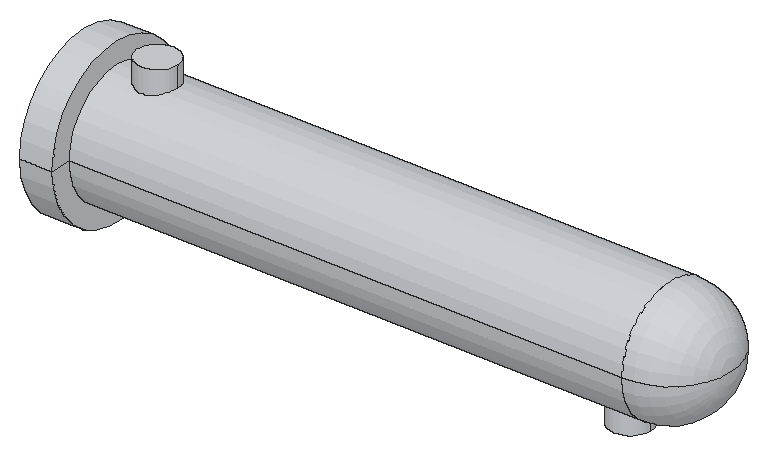
Revit family "M_Trocador de calor - Carcaça e tubulação", category Equipamento mecânico, Revit 2019
Family settings
  Cota do conector redondo = Usar raio
  Tipo de parte = Normal
  Número OmniClass = 23.75.10.27.17.21
  Título OmniClass = Heat Exchangers, Tubular
  ID de item do Seek = Heat Exchanger - Shell and Tube-0000-CAN-ENU
  Com base no plano de trabalho = Não
  Sempre na vertical = Sim
  Corte com vazios quando carregada = Não
  Compartilhado = Não
  Ponto de cálculo do ambiente = Não
Parameters (values of type "0.46 Sq.m")
  Queda de pressão 1 [instance] = 1030000.0 Pa
  Fluxo 2 [instance] = 2.97 L/s
  Fluxo 1 [instance] = 1.51 L/s
  Raio interno 1 = 12.5 mm
  Raio da saída 1 = 25 mm
  Diâmetro interno 1 = (Raio interno 1) * 2  # 25 mm
  Diâmetro da saída 1 = (Raio da saída 1) * 2  # 50 mm
  Raio da carapaça = Diâmetro da carapaça / 2  # 75 mm
  Queda de pressão 2 [instance] = 2070000.0 Pa
  Diâmetro da carapaça = 150 mm
  Raio da saída 2 = 25 mm
  Raio interno 2 = 25 mm
  Diâmetro da saída 2 = (Raio da saída 2) * 2  # 50 mm
  Diâmetro interno 2 = (Raio interno 2) * 2  # 50 mm
  Comprimento 2 = 635 mm
  Comprimento 1 = 50 mm
  Altura 2 = 75 mm
  Altura 1 = 100 mm
  Material do trocador de calor = none
  Comprimento do trocador de calor = 825 mm
  Espessura do flange = 40 mm
Types (7, lengths in mm): name | Fluxo 2 | Fluxo 1 | Raio interno 1 | Raio da saída 1 | Diâmetro interno 1 | Diâmetro da saída 1 | Raio da carapaça | Diâmetro da carapaça | Raio da saída 2 | Raio interno 2 | Diâmetro da saída 2 | Diâmetro interno 2 | Comprimento 2 | Comprimento 1 | Altura 2 | Altura 1 | Comprimento do trocador de calor | Espessura do flange
  (no name) | 2.97 L/s | 1.51 L/s | 12.5 | 25 | 25 | 50 | 75 | 150 | 25 | 25 | 50 | 50 | 635 | 50 | 75 | 100 | 825 | 40
  0.46 Sq.m | 2.97 L/s | 1.51 L/s | 12.5 | 25 | 25 | 50 | 75 | 150 | 25 | 25 | 50 | 50 | 635 | 50 | 75 | 100 | 825 | 40
  24.15 Sq.m | 29.08 L/s | 14.64 L/s | 40 | 75 | 80 | 150 | 200 | 400 | 75 | 75 | 150 | 150 | 1701.8 | 152.4 | 203.2 | 228.6 | 2200 | 100
  1.40 Sq.m | 5.43 L/s | 2.78 L/s | 12.5 | 25 | 25 | 50 | 100 | 200 | 25 | 25 | 50 | 50 | 863.6 | 50.8 | 101.6 | 127 | 1100 | 50
  3.72 Sq.m | 10.09 L/s | 5.05 L/s | 20 | 40 | 40 | 80 | 125 | 250 | 50 | 50 | 100 | 100 | 1054.1 | 101.6 | 127 | 152.4 | 1375 | 64
  7.90 Sq.m | 14.51 L/s | 7.32 L/s | 25 | 50 | 50 | 100 | 150 | 300 | 50 | 50 | 100 | 100 | 1282.7 | 101.6 | 152.4 | 177.8 | 1650 | 75
  13.47 Sq.m | 18.93 L/s | 12.05 L/s | 25 | 50 | 50 | 100 | 175 | 350 | 75 | 75 | 150 | 150 | 1473.2 | 152.4 | 177.8 | 203.2 | 1925 | 90
Reference planes
  plane 1 "Centro (Frente/Trás)": y = 0
  plane 2: z = 0
  plane 3 "Centro (Esquerda/Direita)": x = 0
  plane 4: x = -25.4
  plane 5: x = 799.6
  plane 6: y = 75
  plane 7: y = -75
  plane 8: x = 40
  plane 9: y = 100.4
  plane 10: y = -100.4
  plane 11: x = 724.6
  plane 12: z = 37.5
  plane 13: z = -37.5
  plane 14: x = 90
  plane 15: z = 100
  plane 16: z = -100
  plane 17: x = 675
  plane 18: y = 25
  plane 19: y = -25
Forms (mm)
  Revolve 1, solid, material <- "Material do trocador de calor"
    sketch origin (0, 0, 0) x (1, 0, 0) y (0, 1, 0)
      loop
        line (0, 100.4) -> (0, 0) -> (799.6, 0)
        arc (799.6, 0) -> (777.633, 53.033) -> (724.6, 75) r 75
        line (724.6, 75) -> (40, 75) -> (40, 100.4) -> (0, 100.4)
      axis (799.6, 0) -> (0, 0)
    angle from 0 to 360
  Extrusion 2, solid, material <- "Material do trocador de calor"
    sketch origin (0, 0, 0) x (0, 1, 0) y (0, 0, 1)
      loop
        circle (0, 37.5) r 25
      loop
        circle (0, -37.5) r 12.5
    from -25.4 to 0
  Extrusion 3, solid, material <- "Material do trocador de calor"
    sketch origin (0, 0, 0) x (1, 0, 0) y (0, 1, 0)
      loop
        circle (90, 0) r 25
    from 0 to 100
  Extrusion 4, solid, material <- "Material do trocador de calor"
    sketch origin (0, 0, 0) x (1, 0, 0) y (0, 1, 0)
      loop
        circle (675, 0) r 25
    from -100 to 0
Cuts and joins
  joined: Revolve 1, Extrusion 2, Extrusion 3, Extrusion 4
Lines and regions (mm)
  symbolic lines, detail levels fine
    curve 1: line (40, -75, 0) -> (724.6, -75, 0)
Dimensions and locks
  locked: plane 4 to plane 3 "Centro (Esquerda/Direita)" at 25.4
  "Comprimento do trocador de calor": plane 4 to plane 5
  equal spacing: plane 6, plane 1 "Centro (Frente/Trás)", plane 7
  "Diâmetro da carapaça": plane 6 to plane 7
  "Espessura do flange": plane 3 "Centro (Esquerda/Direita)" to plane 8
  locked: plane 9 to plane 6 at 25.4
  locked: plane 7 to plane 10 at 25.4
  "Raio da carapaça": plane 11 to plane 5
  equal spacing: plane 12, plane 2, plane 13
  "Altura 2": plane 12 to plane 13
  "Comprimento 1": plane 14 to plane 8
  "Altura 1": plane 15 to plane 2
  "Altura 1": plane 2 to plane 16
  "Comprimento 2": plane 17 to plane 8
  "Raio da saída 1": plane 1 "Centro (Frente/Trás)" to plane 18
  "Raio da saída 1": plane 19 to plane 1 "Centro (Frente/Trás)"
  "Raio da carapaça": radius of Revolve 1 sketch curve
  "Raio da saída 1": radius of Extrusion 2 sketch curve
  "Raio interno 1": radius of Extrusion 2 sketch curve
  "Raio interno 2": radius of Extrusion 3 sketch curve
  "Raio da saída 2": radius of Extrusion 4 sketch curve
  angle Revolve 1 sketch curve to Revolve 1 sketch curve = 90.00°
  aligned and locked: Revolve 1 sketch curve to plane 9
  aligned and locked: plane 6 to Revolve 1 sketch curve
  aligned and locked: plane 9 to Revolve 1 sketch curve
  aligned and locked: Revolve 1 sketch curve to plane 8
  aligned and locked: plane 8 to Revolve 1 sketch curve
  aligned and locked: plane 11 to Revolve 1 sketch curve
  aligned and locked: plane 3 "Centro (Esquerda/Direita)" to Revolve 1 sketch curve
  aligned and locked: plane 5 to Revolve 1 sketch curve
  aligned and locked: plane 1 "Centro (Frente/Trás)" to Revolve 1 sketch curve
  aligned and locked: Revolve 1 sketch curve to plane 3 "Centro (Esquerda/Direita)"
  aligned and locked: Revolve 1 sketch curve to plane 1 "Centro (Frente/Trás)"
  aligned and locked: plane 12 to Extrusion 2 sketch curve
  aligned and locked: plane 1 "Centro (Frente/Trás)" to Extrusion 2 sketch curve  (x2)
  aligned and locked: plane 13 to Extrusion 2 sketch curve
  aligned and locked: Extrusion 2 to plane 4
  aligned and locked: plane 3 "Centro (Esquerda/Direita)" to Extrusion 2
  aligned and locked: Extrusion 3 to plane 2
  aligned and locked: plane 15 to Extrusion 3
  aligned and locked: plane 17 to Extrusion 4 sketch curve
  aligned and locked: plane 1 "Centro (Frente/Trás)" to Extrusion 4 sketch curve
  aligned and locked: plane 1 "Centro (Frente/Trás)" to Extrusion 3 sketch curve
  aligned and locked: plane 14 to Extrusion 3 sketch curve
  aligned and locked: Extrusion 4 to plane 16
  aligned and locked: plane 2 to Extrusion 4
  aligned and locked: plane 11 to curve 1
  aligned and locked: curve 1 to plane 7
Automatic sketch dimensions
  Revolve 1 sketch curve to plane 3 "Centro (Esquerda/Direita)" = 0 mm
  Revolve 1 sketch curve to plane 4 = 165.1 mm
  curve 1 to plane 8 = 0 mm
Connectors
  piping at (90, 0, 100), diameter 50, driven by "Raio interno 2", driven by "Fluxo 2"
    settings: on cut or joined group of Revolve 1, Extrusion 2, Extrusion 3, Extrusion 4, index 1, connector inside diameter 50 mm, connector length 0 mm, flow factor 0, pipe flow 2.97 L/s, pressure drop 0.0 Pa, fitting loss kfactor 0, connector angle 0.00°, fixture units 0, engagement length 0 mm, angle of deflection 0.00°, flow configuration 0, flow direction 1, fitting loss method 0, system type 29, joint type 0, gender type 0, connector reference index 2, connector utility 0, adjustable connector no, is connector primary yes, connector description "Entrada de fluido 2"
  piping at (675, 0, -100), diameter 50, driven by "Raio da saída 2", driven by "Queda de pressão 2", driven by "Fluxo 2"
    settings: on cut or joined group of Revolve 1, Extrusion 2, Extrusion 3, Extrusion 4, index 2, connector inside diameter 50 mm, connector length 0 mm, flow factor 0, pipe flow 2.97 L/s, pressure drop 2070000.0 Pa, fitting loss kfactor 0, connector angle 0.00°, fixture units 0, engagement length 0 mm, angle of deflection 0.00°, flow configuration 0, flow direction 2, fitting loss method 4, system type 29, joint type 0, gender type 0, connector reference index 1, connector utility 0, adjustable connector no, is connector primary no, connector description "Saída de fluido 2"
  piping at (-25.4, 0, 37.5), diameter 50, driven by "Fluxo 1", driven by "Raio da saída 1", driven by "Queda de pressão 1"
    settings: on cut or joined group of Revolve 1, Extrusion 2, Extrusion 3, Extrusion 4, index 3, connector inside diameter 50 mm, connector length 0 mm, flow factor 0, pipe flow 1.51 L/s, pressure drop 1030000.0 Pa, fitting loss kfactor 0, connector angle 0.00°, fixture units 0, engagement length 0 mm, angle of deflection 0.00°, flow configuration 0, flow direction 2, fitting loss method 4, system type 29, joint type 0, gender type 0, connector reference index 4, connector utility 0, adjustable connector no, is connector primary no, connector description "Saída de fluido 1"
  piping at (-25.4, 0, -37.5), diameter 25, driven by "Fluxo 1", driven by "Raio interno 1"
    settings: on cut or joined group of Revolve 1, Extrusion 2, Extrusion 3, Extrusion 4, index 4, connector inside diameter 25 mm, connector length 0 mm, flow factor 0, pipe flow 1.51 L/s, pressure drop 0.0 Pa, fitting loss kfactor 0, connector angle 0.00°, fixture units 0, engagement length 0 mm, angle of deflection 0.00°, flow configuration 0, flow direction 1, fitting loss method 0, system type 29, joint type 0, gender type 0, connector reference index 3, connector utility 0, adjustable connector no, is connector primary no, connector description "Entrada de fluido 1"
